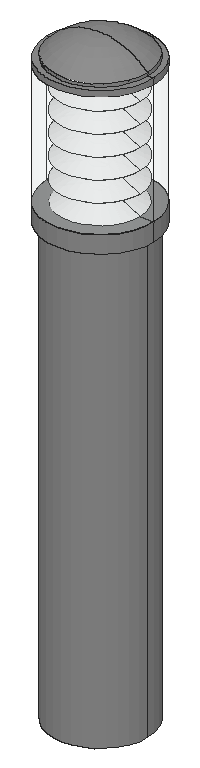
Revit family
Parameters
  Wattage = 100 W
  built-in parameter 1150110 = 1 (stored number, unit not read)
  built-in parameter 1114217 = 1 (stored number, unit not read)
  built-in parameter 1150109 = 1 (stored number, unit not read)
  built-in parameter 1150134 = 4
  built-in parameter 1150113 = 1 (stored number, unit not read)
  Material Post = Metal - Black
  Material Lamp Glazing = Glass - Blue Light Frosted
  Material Filament = Metal - Chrome Polished
  built-in parameter 1150105 = 95.493 (stored number, unit not read)
  Lumens = 1200 lm
  built-in parameter 1150115 = 1 (stored number, unit not read)
  Light Source Symbol Size = 609.6 mm
  built-in parameter 1150137 = (empty or 0)
  built-in parameter 1150139 = (empty or 0)
  built-in parameter 1150112 = 1 (stored number, unit not read)
  built-in parameter 1150114 = 1 (stored number, unit not read)
  built-in parameter 1150132 = (empty or 0)
  built-in parameter 1150102 = (empty or 0)
  built-in parameter 1150107 = 2800 (stored number, unit not read)
  built-in parameter 1150138 = (empty or 0)
  built-in parameter 1150106 = 0.95493 (stored number, unit not read)
  Fixture Height = 900 mm
  built-in parameter 1150104 = 1.1148 (stored number, unit not read)
  Dimming Lamp Color Temperature Shift = (empty or 0)
  Color Filter = 16777215
  built-in parameter 1114218 = 1 (stored number, unit not read)
  built-in parameter 1150133 = 10 (stored number, unit not read)
Reference planes
  plane 1 "Light Source Axis (F/B)": y = 0
  plane 2: z = 0
  plane 3 "Light Source Axis (L/R)": x = 0
  plane 4 "Fixture Top": z = 900
  plane 5 "Light Source Elevation": z = 900
Forms (mm)
  Revolve 1, solid, material "Metal - Black" <- "Material Post"
    sketch origin (0, 0, 0) x (1, 0, 0) y (0, 0, 1)
      loop
        line (0, 0) -> (0, 800) -> (-92.5, 800) -> (-92.5, 770) -> (-82.5, 770) -> (-82.5, 0) -> (0, 0)
      axis (0, 0) -> (0, 800)
    angle from 0 to 360
  Revolve 2, solid, material "Metal - Chrome Polished" <- "Material Filament"
    sketch origin (0, 0, 0) x (1, 0, 0) y (0, 0, 1)
      loop
        line (-69.404, 800) -> (0, 800) -> (0, 825.357) -> (-15.026, 825.357) -> (-69.404, 800)
      loop
        line (0, 835.357) -> (0, 861.004) -> (-15.026, 861.004) -> (-70.026, 835.357) -> (0, 835.357)
      loop
        line (0, 871.004) -> (0, 896.651) -> (-15.026, 896.651) -> (-70.026, 871.004) -> (0, 871.004)
      loop
        line (0, 906.651) -> (0, 932.298) -> (-15.026, 932.298) -> (-70.026, 906.651) -> (0, 906.651)
      loop
        line (0, 942.298) -> (0, 967.945) -> (-15.026, 967.945) -> (-70.026, 942.298) -> (0, 942.298)
      loop
        line (0, 977.945) -> (0, 1003.592) -> (-15.026, 1003.592) -> (-70.026, 977.945) -> (0, 977.945)
      axis (0, 800) -> (0, 1003.592)
    angle from 0 to 360
  Revolve 3, solid, material "Metal - Black" <- "Material Post"
    sketch origin (0, 0, 0) x (1, 0, 0) y (0, 0, 1)
      loop
        line (-92.5, 1023.25) -> (-92.5, 1013.25) -> (0, 1013.25) -> (0, 1062)
        arc (0, 1062) -> (-44.843, 1053.908) -> (-82.5, 1028.25) r 109.407
        line (-82.5, 1028.25) -> (-82.5, 1023.25) -> (-92.5, 1023.25)
      axis (0, 1013.25) -> (0, 1062)
    angle from 0 to 360
  Revolve 4, solid, material "Glass - Blue Light Frosted" <- "Material Lamp Glazing"
    sketch origin (0, 0, 0) x (1, 0, 0) y (0, 0, 1)
      loop
        line (-92.5, 1013.25) -> (-92.5, 800) -> (0, 800) -> (0, 1013.25) -> (-92.5, 1013.25)
      axis (0, 800) -> (0, 1013.25)
    angle from 0 to 360
Dimensions and locks
  "Fixture Height": plane 4 "Fixture Top" to plane 2
  Revolve 3 sketch curve to plane 4 "Fixture Top" = 113.25 mm
  plane 4 "Fixture Top" to Revolve 1 sketch curve = 100 mm
  plane 4 "Fixture Top" to Revolve 2 sketch curve = 100 mm
  plane 4 "Fixture Top" to Revolve 4 sketch curve = 100 mm
  plane 5 "Light Source Elevation" to plane 4 "Fixture Top" = 0 mm
  aligned and locked: level to plane 2
  aligned and locked: plane 3 "Light Source Axis (L/R)" to imposter light
  aligned and locked: plane 1 "Light Source Axis (F/B)" to imposter light
  aligned and locked: plane 5 "Light Source Elevation" to imposter light
Automatic sketch dimensions
  Revolve 1 sketch curve to level = 0 mm
  Revolve 1 sketch curve to plane 3 "Light Source Axis (L/R)" = 0 mm  (x2)
  Revolve 1 sketch curve to Revolve 1 sketch curve = 82.5 mm
  Revolve 1 sketch curve to Revolve 1 sketch curve = 10 mm
  Revolve 1 sketch curve to level = 160 mm
  Revolve 1 sketch curve to Revolve 1 sketch curve = 30 mm
  plane 4 "Fixture Top" to Revolve 1 sketch curve = 680 mm
  Revolve 3 sketch curve to plane 3 "Light Source Axis (L/R)" = 0 mm  (x2)
  Revolve 3 sketch curve to plane 3 "Light Source Axis (L/R)" = 3.418 mm
  Revolve 3 sketch curve to Revolve 3 sketch curve = 10 mm  (x2)
  Revolve 3 sketch curve to Revolve 3 sketch curve = 5 mm
  Revolve 3 sketch curve to level = 46.408 mm
  Revolve 3 sketch curve to Revolve 3 sketch curve = 0 mm
  Revolve 3 sketch curve to plane 4 "Fixture Top" = 52.646 mm
  Revolve 3 sketch curve to plane 3 "Light Source Axis (L/R)" = 82.5 mm
  Revolve 3 sketch curve to Revolve 3 sketch curve = 60.604 mm
  Revolve 4 sketch curve to plane 3 "Light Source Axis (L/R)" = 0 mm  (x2)
  Revolve 4 sketch curve to plane 3 "Light Source Axis (L/R)" = 92.5 mm
  Revolve 4 sketch curve to Revolve 4 sketch curve = 66.75 mm
  Revolve 4 sketch curve to plane 4 "Fixture Top" = 113.25 mm
  Revolve 4 sketch curve to Revolve 4 sketch curve = 155 mm
  Revolve 2 sketch curve to plane 3 "Light Source Axis (L/R)" = 0 mm  (x7)
  Revolve 2 sketch curve to Revolve 2 sketch curve = 15.026 mm  (x6)
  plane 4 "Fixture Top" to Revolve 2 sketch curve = 3.349 mm
  Revolve 2 sketch curve to Revolve 2 sketch curve = 54.378 mm
  Revolve 2 sketch curve to Revolve 2 sketch curve = 55 mm  (x2)
  Revolve 2 sketch curve to Revolve 2 sketch curve = 0.622 mm
  Revolve 2 sketch curve to plane 4 "Fixture Top" = 6.651 mm
  Revolve 2 sketch curve to Revolve 2 sketch curve = 0 mm  (x2)
  Revolve 2 sketch curve to level = 72.793 mm
  Revolve 2 sketch curve to Revolve 2 sketch curve = 25.357 mm
  Revolve 2 sketch curve to Revolve 2 sketch curve = 35.357 mm
  Revolve 2 sketch curve to Revolve 2 sketch curve = 25.647 mm  (x4)
  Revolve 2 sketch curve to Revolve 2 sketch curve = 10 mm  (x3)
  Revolve 2 sketch curve to Revolve 2 sketch curve = 151.388 mm
